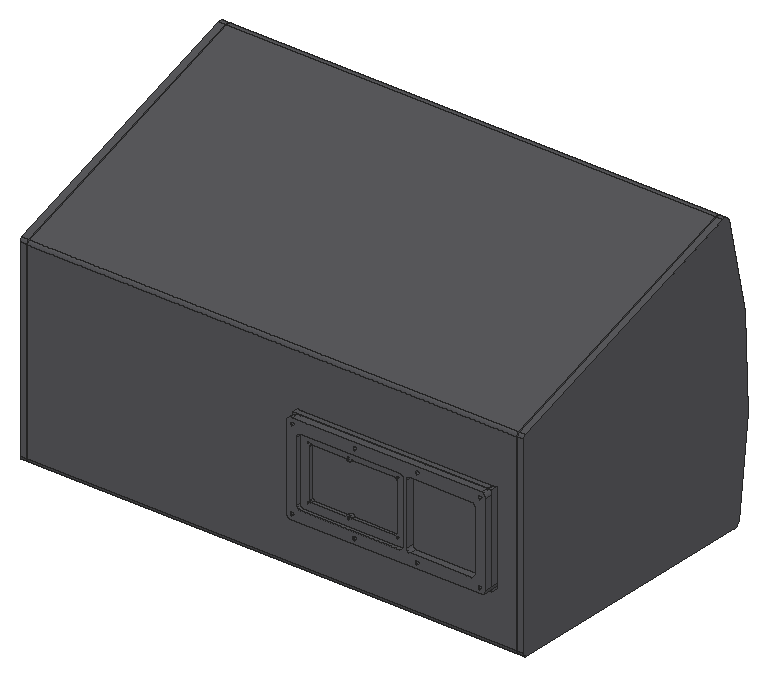
Revit family "EVU-1062", category Communication Devices, Revit 2017 (continued)
Definition of nested family "InputPanel_small"
  Lines and regions (mm)
    model lines
      curve 1015: line (-29.847, -4.337, 41.916) -> (-30.008, -4.337, 42.904)
      curve 1016: line (-30.008, -4.337, 42.904) -> (-29.847, -4.337, 43.892)
      curve 1017: line (-29.847, -4.337, 43.892) -> (-29.388, -4.337, 44.73)
      curve 1018: line (-29.388, -4.337, 44.73) -> (-28.702, -4.337, 45.289)
      curve 1019: line (-28.702, -4.337, 45.289) -> (-27.893, -4.337, 45.486)
      curve 1020: line (-27.893, -4.337, 45.486) -> (-27.083, -4.337, 45.289)
      curve 1021: line (-27.083, -4.337, 45.289) -> (-26.397, -4.337, 44.729)
      curve 1022: line (-26.397, -4.337, 44.729) -> (-25.943, -4.337, 43.898)
      curve 1023: line (-25.939, -4.337, 43.892) -> (-25.655, -4.337, 42.903)
      curve 1024: line (-25.655, -4.337, 42.903) -> (-24.963, -4.337, 42.903)
      curve 1025: line (-24.963, -4.337, 42.903) -> (-22.846, -4.337, 42.903)
      curve 1026: line (-22.846, -4.337, 42.903) -> (-22.846, -4.337, 46.056)
      curve 1027: line (-25.779, -4.337, 30.291) -> (-25.941, -4.337, 29.303)
      curve 1028: line (-25.941, -4.337, 29.303) -> (-26.399, -4.337, 28.465)
      curve 1029: line (-26.399, -4.337, 28.465) -> (-27.085, -4.337, 27.905)
      curve 1030: line (-27.085, -4.337, 27.905) -> (-27.895, -4.337, 27.709)
      curve 1031: line (-27.895, -4.337, 27.709) -> (-28.704, -4.337, 27.906)
      curve 1032: line (-28.704, -4.337, 27.906) -> (-29.39, -4.337, 28.465)
      curve 1033: line (-29.39, -4.337, 28.465) -> (-29.849, -4.337, 29.303)
      curve 1034: line (-29.849, -4.337, 29.303) -> (-30.01, -4.337, 30.291)
      curve 1035: line (-30.01, -4.337, 30.291) -> (-29.849, -4.337, 31.279)
      curve 1036: line (-29.849, -4.337, 31.279) -> (-29.39, -4.337, 32.117)
      curve 1037: line (-29.39, -4.337, 32.117) -> (-28.704, -4.337, 32.677)
      curve 1038: line (-28.704, -4.337, 32.677) -> (-27.894, -4.337, 32.873)
      curve 1039: line (-27.894, -4.337, 32.873) -> (-27.085, -4.337, 32.676)
      curve 1040: line (-27.085, -4.337, 32.676) -> (-26.399, -4.337, 32.117)
      curve 1041: line (-26.399, -4.337, 32.117) -> (-25.944, -4.337, 31.286)
      curve 1042: line (-25.94, -4.337, 31.279) -> (-25.657, -4.337, 30.291)
      curve 1043: line (-25.657, -4.337, 30.291) -> (-24.965, -4.337, 30.291)
      curve 1044: line (-24.965, -4.337, 30.291) -> (-22.847, -4.337, 30.29)
      curve 1045: line (-22.847, -4.337, 30.29) -> (-22.848, -4.337, 36.486)
      curve 1046: line (-28.709, -4.337, 20.832) -> (-28.921, -4.337, 20.832)
      curve 1047: line (-28.921, -4.337, 20.832) -> (-28.921, -4.337, 21.175)
      curve 1048: line (-28.842, -4.337, 21.313) -> (-28.709, -4.337, 21.439)
      curve 1049: line (-28.709, -4.337, 21.439) -> (-28.709, -4.337, 20.832)
      curve 1050: line (-28.709, -4.337, 20.832) -> (-27.082, -4.337, 20.831)
      curve 1051: line (-27.082, -4.337, 20.831) -> (-27.082, -4.337, 21.438)
      curve 1052: line (-27.081, -4.337, 27.746) -> (-27.082, -4.337, 26.531)
      curve 1053: line (-27.081, -4.337, 34.051) -> (-27.081, -4.337, 32.836)
      curve 1054: line (-27.08, -4.337, 40.358) -> (-27.08, -4.337, 39.143)
      curve 1055: line (-28.706, -4.337, 46.057) -> (-28.918, -4.337, 46.057)
      curve 1056: line (-28.918, -4.337, 46.057) -> (-28.918, -4.337, 45.691)
      curve 1057: line (-28.839, -4.337, 45.575) -> (-28.706, -4.337, 45.449)
      curve 1058: line (-28.706, -4.337, 45.449) -> (-28.706, -4.337, 46.057)
      curve 1059: line (-28.706, -4.337, 46.057) -> (-27.079, -4.337, 46.057)
      curve 1060: line (-27.079, -4.337, 46.057) -> (-27.079, -4.337, 45.449)
      curve 1061: line (-28.919, -4.337, 40.095) -> (-28.915, -4.337, 39.417)
      curve 1062: line (-28.84, -4.337, 39.27) -> (-28.707, -4.337, 39.144)
      curve 1063: line (-28.707, -4.337, 39.144) -> (-28.707, -4.337, 40.359)
      curve 1064: line (-28.707, -4.337, 40.359) -> (-28.84, -4.337, 40.232)
      curve 1065: line (-28.708, -4.337, 34.051) -> (-28.708, -4.337, 32.836)
      curve 1066: line (-28.708, -4.337, 32.836) -> (-28.841, -4.337, 32.963)
      curve 1067: line (-28.92, -4.337, 33.078) -> (-28.919, -4.337, 33.787)
      curve 1068: line (-28.841, -4.337, 33.925) -> (-28.708, -4.337, 34.051)
      curve 1069: line (-28.92, -4.337, 27.482) -> (-28.917, -4.337, 26.804)
      curve 1070: line (-28.842, -4.337, 26.657) -> (-28.709, -4.337, 26.531)
      curve 1071: line (-28.709, -4.337, 26.531) -> (-28.708, -4.337, 27.746)
      curve 1072: line (-28.708, -4.337, 27.746) -> (-28.842, -4.337, 27.62)
      curve 1073: line (-24.272, -4.337, 33.155) -> (-26.389, -4.337, 33.155)
      curve 1074: line (-26.389, -4.337, 33.155) -> (-26.389, -4.337, 33.732)
      curve 1075: line (-26.389, -4.337, 33.732) -> (-24.272, -4.337, 33.731)
      curve 1076: line (-24.272, -4.337, 33.731) -> (-24.272, -4.337, 33.155)
      curve 1077: line (-24.271, -4.337, 39.462) -> (-24.271, -4.337, 40.039)
      curve 1078: line (-24.271, -4.337, 40.039) -> (-26.388, -4.337, 40.039)
      curve 1079: line (-26.388, -4.337, 40.039) -> (-26.388, -4.337, 39.463)
      curve 1080: line (-26.388, -4.337, 39.463) -> (-24.271, -4.337, 39.462)
      curve 1081: line (-24.272, -4.337, 26.85) -> (-24.272, -4.337, 27.426)
      curve 1082: line (-24.272, -4.337, 27.426) -> (-26.39, -4.337, 27.426)
      curve 1083: line (-26.39, -4.337, 27.426) -> (-26.39, -4.337, 26.85)
      curve 1084: line (-26.39, -4.337, 26.85) -> (-24.272, -4.337, 26.85)
      curve 1085: line (-26.388, -4.337, 46.057) -> (-24.27, -4.337, 46.056)
      curve 1086: line (-24.27, -4.337, 46.056) -> (-24.27, -4.337, 45.768)
      curve 1087: line (-24.27, -4.337, 45.768) -> (-26.388, -4.337, 45.768)
      curve 1088: line (-26.388, -4.337, 45.768) -> (-26.388, -4.337, 46.057)
      curve 1089: line (-26.388, -4.337, 46.057) -> (-27.079, -4.337, 46.057)
      curve 1090: line (-27.082, -4.337, 20.831) -> (-26.391, -4.337, 20.831)
      curve 1091: line (-26.391, -4.337, 20.831) -> (-26.391, -4.337, 21.119)
      curve 1092: line (-26.391, -4.337, 21.119) -> (-24.273, -4.337, 21.119)
      curve 1093: line (-24.273, -4.337, 21.119) -> (-24.273, -4.337, 20.831)
      curve 1094: line (-24.273, -4.337, 20.831) -> (-26.391, -4.337, 20.831)
      curve 1095: line (-25.785, -4.337, 36.802) -> (-27.579, -4.337, 34.613)
      curve 1096: line (-27.579, -4.337, 34.613) -> (-27.088, -4.337, 34.281)
      curve 1097: line (-25.785, -4.337, 43.108) -> (-27.578, -4.337, 40.92)
      curve 1098: line (-27.578, -4.337, 40.92) -> (-27.087, -4.337, 40.587)
      curve 1099: line (-25.812, -4.337, 37.057) -> (-27.412, -4.337, 35.105)
      curve 1100: line (-27.412, -4.337, 35.105) -> (-27.981, -4.337, 35.105)
      curve 1101: line (-27.981, -4.337, 35.105) -> (-25.943, -4.337, 37.592)
      curve 1102: line (-25.812, -4.337, 43.363) -> (-27.411, -4.337, 41.411)
      curve 1103: line (-27.411, -4.337, 41.411) -> (-27.981, -4.337, 41.411)
      curve 1104: line (-27.981, -4.337, 41.411) -> (-25.943, -4.337, 43.898)
      curve 1105: line (-25.786, -4.337, 30.496) -> (-27.579, -4.337, 28.307)
      curve 1106: line (-27.579, -4.337, 28.307) -> (-27.088, -4.337, 27.974)
      curve 1107: line (-25.787, -4.337, 24.189) -> (-27.58, -4.337, 22.001)
      curve 1108: line (-27.58, -4.337, 22.001) -> (-27.089, -4.337, 21.668)
      curve 1109: line (-25.814, -4.337, 24.444) -> (-27.413, -4.337, 22.492)
      curve 1110: line (-27.413, -4.337, 22.492) -> (-27.983, -4.337, 22.492)
      curve 1111: line (-27.983, -4.337, 22.492) -> (-25.945, -4.337, 24.979)
      curve 1112: line (-25.813, -4.337, 30.75) -> (-27.412, -4.337, 28.798)
      curve 1113: line (-27.412, -4.337, 28.798) -> (-27.982, -4.337, 28.799)
      curve 1114: line (-27.982, -4.337, 28.799) -> (-25.944, -4.337, 31.286)
      curve 1115: line (-22.849, -4.337, 23.874) -> (-22.85, -4.337, 20.831)
      curve 1116: line (-22.85, -4.337, 20.831) -> (-17.426, -4.337, 20.83)
      curve 1117: line (-17.426, -4.337, 20.83) -> (-17.423, -4.337, 46.056)
      curve 1118: line (-17.423, -4.337, 46.056) -> (-22.846, -4.337, 46.056)
      curve 1119: line (-22.846, -4.337, 46.056) -> (-24.27, -4.337, 46.056)
      curve 1120: line (-24.27, -4.337, 46.056) -> (-21.157, -4.337, 46.184)
      curve 1121: line (-21.157, -4.337, 46.184) -> (-21.035, -4.337, 46.361)
      curve 1122: line (-24.273, -4.337, 20.831) -> (-22.85, -4.337, 20.831)
      curve 1123: line (-16.642, -4.337, 39.451) -> (-16.643, -4.337, 33.939)
      curve 1124: line (-16.643, -4.337, 33.939) -> (-12.428, -4.337, 33.939)
      curve 1125: line (-12.428, -4.337, 33.939) -> (-12.427, -4.337, 39.451)
      curve 1126: line (-12.427, -4.337, 39.451) -> (-16.642, -4.337, 39.451)
      curve 1127: line (-12.427, -4.337, 40.047) -> (-12.426, -4.337, 45.558)
      curve 1128: line (-12.426, -4.337, 45.558) -> (-16.641, -4.337, 45.559)
      curve 1129: line (-16.641, -4.337, 45.559) -> (-16.642, -4.337, 40.047)
      curve 1130: line (-16.642, -4.337, 40.047) -> (-12.427, -4.337, 40.047)
      curve 1131: line (-17.1, -4.337, 20.83) -> (-17.097, -4.337, 46.055)
      curve 1132: line (-17.097, -4.337, 46.055) -> (-11.97, -4.337, 46.055)
      curve 1133: line (-11.97, -4.337, 46.055) -> (-11.974, -4.337, 20.83)
      curve 1134: line (-11.974, -4.337, 20.83) -> (-17.1, -4.337, 20.83)
      curve 1135: line (-17.1, -4.337, 20.83) -> (-17.426, -4.337, 20.83)
      curve 1136: line (-16.644, -4.337, 26.839) -> (-16.644, -4.337, 21.327)
      curve 1137: line (-16.644, -4.337, 21.327) -> (-12.429, -4.337, 21.326)
      curve 1138: line (-12.429, -4.337, 21.326) -> (-12.428, -4.337, 26.838)
      curve 1139: line (-12.428, -4.337, 26.838) -> (-16.644, -4.337, 26.839)
      curve 1140: line (-12.428, -4.337, 27.434) -> (-12.428, -4.337, 32.946)
      curve 1141: line (-12.428, -4.337, 32.946) -> (-16.643, -4.337, 32.946)
      curve 1142: line (-16.643, -4.337, 32.946) -> (-16.644, -4.337, 27.434)
      curve 1143: line (-16.644, -4.337, 27.434) -> (-12.428, -4.337, 27.434)
      curve 1144: line (-17.097, -4.337, 46.055) -> (-17.423, -4.337, 46.056)
      curve 1145: line (-17.423, -4.337, 46.056) -> (-14.161, -4.337, 46.183)
      curve 1146: line (-14.161, -4.337, 46.183) -> (-14.039, -4.337, 46.36)
      curve 1147: line (-14.039, -4.337, 46.36) -> (-17.172, -4.337, 46.36)
      curve 1148: line (-17.172, -4.337, 46.36) -> (-17.294, -4.337, 46.183)
      curve 1149: line (-16.642, -4.337, 38.284) -> (-15.234, -4.337, 38.284)
      curve 1150: line (-15.234, -4.337, 38.284) -> (-14.908, -4.337, 38.972)
      curve 1151: line (-14.908, -4.337, 38.972) -> (-14.523, -4.337, 39.451)
      curve 1152: line (-16.644, -4.337, 25.672) -> (-15.235, -4.337, 25.671)
      curve 1153: line (-15.235, -4.337, 25.671) -> (-14.91, -4.337, 26.36)
      curve 1154: line (-14.91, -4.337, 26.36) -> (-14.525, -4.337, 26.838)
      curve 1155: line (-16.644, -4.337, 28.601) -> (-15.235, -4.337, 28.601)
      curve 1156: line (-15.235, -4.337, 28.601) -> (-14.91, -4.337, 27.913)
      curve 1157: line (-14.91, -4.337, 27.913) -> (-14.525, -4.337, 27.434)
      curve 1158: line (-16.642, -4.337, 41.214) -> (-15.234, -4.337, 41.214)
      curve 1159: line (-15.234, -4.337, 41.214) -> (-14.908, -4.337, 40.526)
      curve 1160: line (-14.908, -4.337, 40.526) -> (-14.523, -4.337, 40.047)
      curve 1161: line (-16.643, -4.337, 31.978) -> (-15.235, -4.337, 31.978)
      curve 1162: line (-15.235, -4.337, 31.978) -> (-14.909, -4.337, 32.666)
      curve 1163: line (-14.909, -4.337, 32.666) -> (-14.684, -4.337, 32.946)
      curve 1164: line (-16.642, -4.337, 44.591) -> (-15.233, -4.337, 44.59)
      curve 1165: line (-15.233, -4.337, 44.59) -> (-14.908, -4.337, 45.278)
      curve 1166: line (-14.908, -4.337, 45.278) -> (-14.682, -4.337, 45.559)
      curve 1167: line (-16.643, -4.337, 34.908) -> (-15.234, -4.337, 34.907)
      curve 1168: line (-15.234, -4.337, 34.907) -> (-14.909, -4.337, 34.219)
      curve 1169: line (-14.684, -4.337, 33.939) -> (-14.909, -4.337, 34.219)
      curve 1170: line (-14.909, -4.337, 34.219) -> (-14.908, -4.337, 38.972)
      curve 1171: line (-16.644, -4.337, 22.295) -> (-15.236, -4.337, 22.295)
      curve 1172: line (-15.236, -4.337, 22.295) -> (-14.911, -4.337, 21.607)
      curve 1173: line (-14.911, -4.337, 21.607) -> (-14.91, -4.337, 26.36)
      curve 1174: line (-14.685, -4.337, 21.327) -> (-14.911, -4.337, 21.607)
      curve 1175: line (-15.235, -4.337, 28.601) -> (-15.235, -4.337, 31.978)
      curve 1176: line (-15.234, -4.337, 41.214) -> (-15.233, -4.337, 44.59)
      curve 1177: line (-15.235, -4.337, 25.671) -> (-15.236, -4.337, 22.295)
      curve 1178: line (-15.234, -4.337, 38.284) -> (-15.234, -4.337, 34.907)
      curve 1179: line (-17.172, -4.337, 46.36) -> (-17.172, -4.337, 46.622)
      curve 1180: line (-17.172, -4.337, 46.622) -> (-14.039, -4.337, 46.621)
      curve 1181: line (-14.039, -4.337, 46.621) -> (-14.039, -4.337, 46.36)
      curve 1182: line (-17.172, -4.337, 46.622) -> (-17.753, -4.337, 46.622)
      curve 1183: line (-17.753, -4.337, 46.622) -> (-17.753, -4.337, 46.36)
      curve 1184: line (-17.753, -4.337, 46.36) -> (-17.631, -4.337, 46.183)
      curve 1185: line (-13.525, -4.337, 40.047) -> (-13.524, -4.337, 45.558)
      curve 1186: line (-13.527, -4.337, 27.434) -> (-13.526, -4.337, 32.946)
      curve 1187: line (-13.527, -4.337, 21.326) -> (-13.527, -4.337, 26.838)
      curve 1188: line (-13.526, -4.337, 33.939) -> (-13.525, -4.337, 39.451)
      curve 1189: line (-14.91, -4.337, 27.913) -> (-14.909, -4.337, 32.666)
      curve 1190: line (-14.908, -4.337, 40.526) -> (-14.908, -4.337, 45.278)
      curve 1191: line (-24.168, -4.337, 46.361) -> (-24.29, -4.337, 46.184)
      curve 1192: line (-24.168, -4.337, 46.622) -> (-24.168, -4.337, 46.361)
      curve 1193: line (-24.168, -4.337, 46.361) -> (-21.035, -4.337, 46.361)
      curve 1194: line (-21.035, -4.337, 46.361) -> (-21.035, -4.337, 46.622)
      curve 1195: line (-21.035, -4.337, 46.622) -> (-24.168, -4.337, 46.622)
      curve 1196: line (-24.168, -4.337, 46.622) -> (-24.749, -4.337, 46.623)
      curve 1197: line (-24.749, -4.337, 46.623) -> (-24.749, -4.337, 46.361)
      curve 1198: line (-24.749, -4.337, 46.361) -> (-24.627, -4.337, 46.184)
      curve 1199: line (-50.251, -4.337, 21.031) -> (-50.248, -4.337, 45.862)
      curve 1200: line (-50.193, -4.337, 45.807) -> (-50.196, -4.337, 21.086)
      curve 1201: line (-49.239, -4.337, 46.871) -> (-11.796, -4.337, 46.867)
      curve 1202: line (-11.851, -4.337, 46.812) -> (-49.184, -4.337, 46.816)
      curve 1203: line (-10.787, -4.337, 45.858) -> (-10.79, -4.337, 21.027)
      curve 1204: line (-10.79, -4.337, 21.029) -> (-10.842, -4.337, 45.803)
      curve 1205: line (-11.799, -4.337, 20.018) -> (-49.243, -4.337, 20.022)
      curve 1206: line (-49.188, -4.337, 20.077) -> (-11.854, -4.337, 20.073)
      curve 1207: line (-32.649, -4.337, 30.292) -> (-31.03, -4.337, 30.291)
      curve 1208: line (-31.03, -4.337, 30.291) -> (-30.696, -4.337, 30.291)
      curve 1209: line (-32.65, -4.337, 23.985) -> (-31.031, -4.337, 23.985)
      curve 1210: line (-31.031, -4.337, 23.985) -> (-30.698, -4.337, 23.985)
      curve 1211: line (-32.649, -4.337, 36.598) -> (-31.029, -4.337, 36.598)
      curve 1212: line (-31.029, -4.337, 36.598) -> (-30.696, -4.337, 36.598)
      curve 1213: line (-32.648, -4.337, 42.904) -> (-31.028, -4.337, 42.904)
      curve 1214: line (-31.028, -4.337, 42.904) -> (-30.695, -4.337, 42.904)
      curve 1215: line (-28.39, -4.337, 36.597) -> (-30.009, -4.337, 36.598)
      curve 1216: line (-30.009, -4.337, 36.598) -> (-30.343, -4.337, 36.598)
      curve 1217: line (-28.389, -4.337, 42.904) -> (-30.008, -4.337, 42.904)
      curve 1218: line (-30.008, -4.337, 42.904) -> (-30.341, -4.337, 42.904)
      curve 1219: line (-28.39, -4.337, 30.291) -> (-30.01, -4.337, 30.291)
      curve 1220: line (-30.01, -4.337, 30.291) -> (-30.343, -4.337, 30.291)
      curve 1221: line (-28.391, -4.337, 23.985) -> (-30.011, -4.337, 23.985)
      curve 1222: line (-30.011, -4.337, 23.985) -> (-30.344, -4.337, 23.985)
Definition of nested family "EV-L.dwg"
  Parameters (values of type "EV-L.dwg")
    Material = ""
    Default Elevation = 1219.20 mm
  Reference planes
    plane 1 "Center (Front/Back)": y = 0
    plane 2: z = 0
    plane 3 "Center (Left/Right)": x = 0
  Forms (mm)
    Extrusion 1, solid, not visible
      sketch origin (-18.843, -0.5, -73.012) x (-1, 0, 0) y (0, 0, 1)
        loop
          arc (-29.526, 84.261) -> (-30.141, 84.007) -> (-30.395, 83.392) r 0.869
          line (-30.395, 83.392) -> (-30.395, 62.633)
          arc (-30.395, 62.633) -> (-30.141, 62.018) -> (-29.526, 61.764) r 0.869
          line (-29.526, 61.764) -> (-8.052, 61.764)
          arc (-8.052, 61.764) -> (-7.438, 62.018) -> (-7.183, 62.633) r 0.869
          line (-7.183, 62.633) -> (-7.183, 83.392)
          arc (-7.183, 83.392) -> (-7.438, 84.007) -> (-8.052, 84.261) r 0.869
          line (-8.052, 84.261) -> (-29.526, 84.261)
      from 0 to -0.5
    Extrusion 2, solid
      sketch origin (-18.843, -5, -73.012) x (-1, 0, 0) y (0, 0, 1)
        loop
          line (-29.491, 83.392) -> (-29.491, 62.633) -> (-8.043, 62.633) -> (-8.043, 83.392) -> (-29.491, 83.392)
        loop
          line (-27.027, 79.951) -> (-27.027, 69.549) -> (-20.429, 69.549) -> (-20.429, 71.809) -> (-24.55, 71.809) -> (-24.55, 73.62) -> (-20.429, 73.62) -> (-20.429, 75.88) -> (-24.55, 75.88) -> (-24.55, 77.69) -> (-20.429, 77.69) -> (-20.429, 79.951) -> (-27.027, 79.951)
        loop
          line (-19.452, 75.88) -> (-19.452, 73.62) -> (-17.856, 73.62) -> (-17.856, 65.711) -> (-15.405, 65.711) -> (-9.782, 78.26) -> (-12.45, 78.26) -> (-15.379, 71.666) -> (-15.379, 75.88) -> (-19.452, 75.88)
      from 4.5 to 5
    Extrusion 3, solid
      sketch origin (-0.107, -1, 0) x (-1, 0, 0) y (0, 0, 1)
        loop
          line (10.366, 11.293) -> (-10.467, 11.293)
          arc (-10.467, 11.293) -> (-11.304, 10.947) -> (-11.651, 10.11) r 1.184
          line (-11.651, 10.11) -> (-11.651, -10.023)
          arc (-11.651, -10.023) -> (-11.304, -10.86) -> (-10.467, -11.207) r 1.184
          line (-10.467, -11.207) -> (10.366, -11.207)
          arc (10.366, -11.207) -> (11.203, -10.86) -> (11.549, -10.023) r 1.184
          line (11.549, -10.023) -> (11.549, 10.11)
          arc (11.549, 10.11) -> (11.203, 10.947) -> (10.366, 11.293) r 1.184
      from 0 to 0.5
Types (3, lengths in mm): name | ModelNumber | MaterialRALColour | LoudspeakerMaterial | CTN | GrillMaterial
  (no name) | "F.01U.216.249" | "RAL9004" | 13-plyWeather-resistantBirchEVCoat -RAL9004 | "EVU1062/95BLK" | 16GA Powder-coatedGalvanneal - B
  EVU1062/95WHT_Single_6.5_Inch_Two_Way_White | "F.01U.216.250" | "RAL9010" | 13-plyWeather-resistantBirchEVCoat -RAL9010 | "EVU1062/95WHT" | 16GA Powder-coatedGalvanneal - W
  EVU1062/95BLK_Single_6.5_Inch_Two_Way_Black | "F.01U.216.249" | "RAL9004" | 13-plyWeather-resistantBirchEVCoat -RAL9004 | "EVU1062/95BLK" | 16GA Powder-coatedGalvanneal - B
